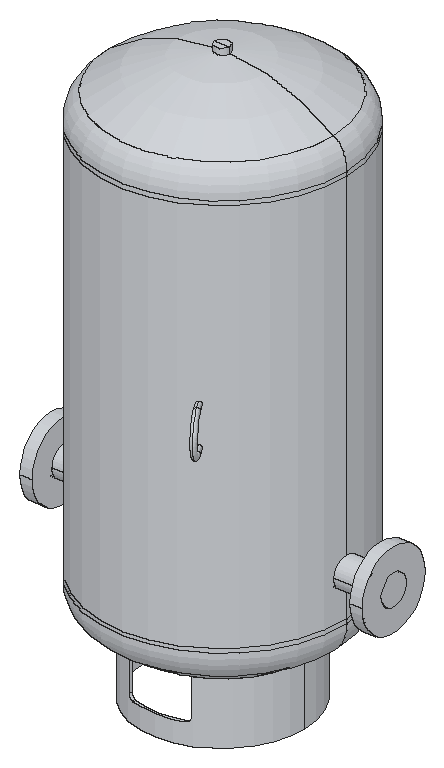
Revit family "CWBT120-3-125", category Mechanical Equipment, Revit 2014
Parameters (values of type "CWBT120-3-125")
  Tank Weight = "294 lbs"
  Tank Volume = "120 Gal"
  Tank Height = "55 3/4\""
  Tank Diameter = "24\""
  Note = "All dimensions and weights are approximate"
  Maximum Acceptance Volume = "N/A"
  Max Operating Temp = "450° F"
  Max Operating Pressure = "125 psi"
  Connector Size = "3\""
Reference planes (in)
  plane 1 "Center (Front/Back)": y = 0
  plane 2: z = 0
  plane 3 "Center (Left/Right)": x = 0
Forms (in)
  Extrusion 1, solid
    sketch origin (0, 0, 0) x (0, 1, 0) y (0, 0, 1)
      loop
        circle (0, 15) r 1.47
    from 0 to 16.5
  Extrusion 2, solid
    sketch origin (0, 0, 0) x (0, 1, 0) y (0, 0, 1)
      loop
        circle (0, 15) r 1.47
    from 0 to -16.5
  Extrusion 3, solid
    sketch origin (0, 0, 0) x (0, 1, 0) y (0, 0, 1)
      loop
        circle (0, 15) r 3.75
    from -15.3125 to -16.5
  Extrusion 4, solid
    sketch origin (0, 0, 0) x (0, 1, 0) y (0, 0, 1)
      loop
        circle (0, 15) r 3.75
    from 15.3125 to 16.5
  Extrusion 5, solid
    sketch origin (0, 0, 0) x (1, 0, 0) y (0, 1, 0)
      loop
        circle (0, 0) r 8
      loop
        circle (0, 0) r 7.75261
    from 0 to 6
  Extrusion 6, void
    sketch origin (0, 0, 0) x (1, 0, 0) y (0, 0, 1)
      loop
        line (-3, 6) -> (-3, 2.5)
        arc (-3, 2.5) -> (-2.85355, 2.14645) -> (-2.5, 2) r 0.5
        line (-2.5, 2) -> (2.5, 2)
        arc (2.5, 2) -> (2.85355, 2.14645) -> (3, 2.5) r 0.5
        line (3, 2.5) -> (3, 6) -> (-3, 6)
    from 0 to 10
  Revolve 7, solid
    sketch origin (0, 0, 0) x (1, 0, 0) y (0, 0, 1)
      loop
        line (0, 56.33186) -> (0, 3.76304) -> (0.6875, 3.76304) -> (0.6875, 4.27606)
        arc (0.6875, 4.27606) -> (6.03979, 5.24535) -> (10.82075, 7.83939) r 17.17878
        arc (10.82075, 7.83939) -> (11.74557, 9.01447) -> (12, 10.48804) r 3.04715
        line (12, 10.48804) -> (12, 10.88804) -> (12, 49.13804) -> (12, 49.53804)
        arc (12, 49.53804) -> (11.73574, 51.03405) -> (10.78124, 52.21592) r 3.04326
        arc (10.78124, 52.21592) -> (6.00358, 54.75186) -> (0.6875, 55.75002) r 17.95658
        line (0.6875, 55.75002) -> (0.6875, 56.33186) -> (0, 56.33186)
      axis (0, 56.33186) -> (0, 3.76304)
    angle from 0 to 360
  Sweep 8, solid
    path origin (-3.09907, 4.94253, -16.53613) x (0.511725, -0.85915, 0) y (0, 0, 1)
      loop
        line (17.83546, 48.42089) -> (18.83546, 48.42089)
        arc (18.83546, 48.42089) -> (20.71046, 46.54589) -> (18.83546, 44.67089) r 1.875
        line (18.83546, 44.67089) -> (17.83546, 44.67089)
    profile origin (6.28364, -10.81038, 31.88476) x (0, 0, 1) y (-0.85915, -0.511725, 0)
      loop
        circle (0, 0) r 0.25
Cuts and joins
  Extrusion 6 cuts Extrusion 5
Dimensions and locks (in)
  Revolve 7 sketch curve to cut or joined group of Extrusion 5, Extrusion 6 = 55 3/4"
  Extrusion 2 to cut or joined group of Extrusion 5, Extrusion 6 = 15"
  aligned and locked: level to plane 2
